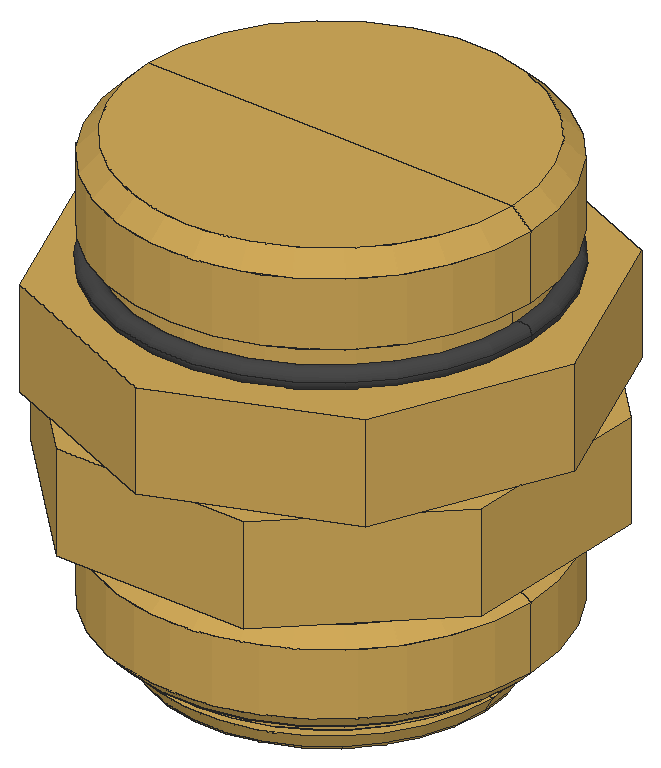
Revit family "VT.0606.0", category Оборудование, Revit 2019
Family settings
  Размер круглого соединителя = Использовать диаметр
  Тип детали = Нормальный
  Номер OmniClass = 23.75.00.00
  Заголовок OmniClass = Climate Control (HVAC)
  На основе рабочей плоскости = Нет
  Всегда вертикально = Да
  При загрузке вырезать с полостями = Нет
  Общий = Нет
  Точка расчета площади = Нет
Parameters (values of type "Yellow")
  Техническое описание = "https://valtec.ru/catalog/kollektornye_sistemy/komplektuyuschie_dlya_kollektorov/sdvoennyj_nippel_vt06060.html"
  Страна изготовитель = "Italy"
  Системы отопления, охлаждения и охлаждения = "Системы отопления, охлаждения и охлаждения"
  Семейство продуктов = "Тепловая электростанция"
  Размер соединения = "1\"1/4"
  Практическое руководство по использованию семьи = "Вы должны выбрать один и только один тип отделочного материала для ротационного соска \"мужчина-мужчина\". Отметьте эту опцию в «Название типа - Никель»  или «Название типа - Желтый»."
  Описание Конфигурации = "Сдвоенные ниппели"
  Описание OmniClass = "HVAC Специальные продукты и оборудование"
  Описание NBS = "Клапан"
  Номинальная ширина = 0 mm
  Номинальная высота = 0 mm
  Материал основной = "Brass"
  Материал вторичный = ""
  Материал = "Brass - CW617N"
  Мастерформат 2014 Описание = "Отопление, вентиляция и кондиционирование воздуха (HVAC)"
  Код основной категории BIMobject = "Водопровод"
  Код категории BIMобъекта = "Водопроводным-другой"
  Инструкция по установке = "https://valtec.ru/catalog/kollektornye_sistemy/komplektuyuschie_dlya_kollektorov/sdvoennyj_nippel_vt06060.html"
  Дата публикации = ""
  Группа товаров = "VARIMIX"
  Вес нетто (кг) = "0"
  Youtube clip = ""
  Uniformat II Description = "HVAC"
  Uniclass 2.0 Описание = "Клапан"
  Uniclass 1.4 Описание = "Климат-контроль установки и оборудование (HVAC)"
  URL бренда = "https://valtec.ru/catalog/kollektornye_sistemy/komplektuyuschie_dlya_kollektorov/sdvoennyj_nippel_vt06060.html"
  URL = ""
  SKU продукта = "VARIMIX"
  Revit Version = "2018"  # constant formula
  Изготовитель = "IVAR"  # constant formula
  Product Line = "ТЕПЛОВАЯ ЭЛЕКТРОСТАНЦИЯ"  # constant formula
  Произведено в = "Сделано в италии"  # constant formula
  Keynote = ""
  Группа модели = "VT.0606.0"  # constant formula
  IFC классификация = "Клапан"
  Finishing = BRASS - CW617N
  EMCS Version = "3.0"  # constant formula
  Описание = "Сдвоенные ниппели"  # constant formula
  COBIe Тип Категория = ""
  BIMобъект основная категория = "Водопровод"
  BIMобъект категории = "Другое"
  Тип статьи = Группа модели  # "VT.0606.0"
  Описание статьи = Описание  # "Сдвоенные ниппели"
Types (2, lengths in mm): name | Техническое описание | Размер соединения | Практическое руководство по использованию семьи | Описание Конфигурации | Материал основной | Материал | Код основной категории BIMobject | Код категории BIMобъекта | Инструкция по установке | URL бренда | URL | Finishing | BIMобъект категории
  Yellow | "https://valtec.ru/catalog/kollektornye_sistemy/komplektuyuschie_dlya_kollektorov/sdvoennyj_nippel_vt06060.html" | "1\"1/4" | "Вы должны выбрать один и только один тип отделочного материала для ротационного соска \"мужчина-мужчина\". Отметьте эту опцию в «Название типа - Никель»  или «Название типа - Желтый»." | "Сдвоенные ниппели" | "Brass" | "Brass - CW617N" | "Водопровод" | "Водопроводным-другой" | "https://valtec.ru/catalog/kollektornye_sistemy/komplektuyuschie_dlya_kollektorov/sdvoennyj_nippel_vt06060.html" | "https://valtec.ru/catalog/kollektornye_sistemy/komplektuyuschie_dlya_kollektorov/sdvoennyj_nippel_vt06060.html" | "" | BRASS - CW617N | "Другое"
  Nickel | "https://valtec.ru/catalog/sistemy_modulnogo_montazha/gruppy_bystrogo_montazha/sdvoennyj_nippel_vt06060.html" | "G 1\"1/4 M" | "- Вы должны выбрать один и только один тип отделочного материала для ротационного соска \"мужчина-мужчина\". Отметьте эту опцию в «Название типа - Никель» или «Название типа - Желтый»." | "Мужской мужской роторный сосок." | "Латунь" | "Никелированная латунь - CW617N" | "водопровод" | "водопроводным-другой" | "https://valtec.ru/catalog/sistemy_modulnogo_montazha/gruppy_bystrogo_montazha/sdvoennyj_nippel_vt06060.html" | "https://valtec.ru/catalog/sistemy_modulnogo_montazha/gruppy_bystrogo_montazha/sdvoennyj_nippel_vt06060.html" | "https://valtec.ru/catalog/sistemy_modulnogo_montazha/gruppy_bystrogo_montazha/sdvoennyj_nippel_vt06060.html" | Brass - Nickel | "Другие"
Reference planes
  plane 1 "RIF X": y = 0
  plane 2: z = 0
  plane 3 "RIF KK": x = 17000
  plane 4 "dietro": y = 69
  plane 5 "davanti": y = -69
Forms (mm)
  Extrusion 1, solid, material "BRASS - CW617N" <- "Finishing", detail levels medium+fine
    sketch origin (17000, -17000, 0) x (1, 0, 0) y (0, 1, 0)
      loop
        line (25.5, 17000) -> (18.031, 17018.031) -> (0, 17025.5) -> (-18.031, 17018.031) -> (-25.5, 17000) -> (-18.031, 16981.969) -> (0, 16974.5) -> (18.031, 16981.969) -> (25.5, 17000)
    from 0 to 10
  Extrusion 2, solid, material "BRASS - CW617N" <- "Finishing", detail levels medium+fine
    sketch origin (1294.048, -6505.63, -10) x (0.382683, -0.92388, 0) y (0.92388, 0.382683, 0)
      loop
        line (25.5, 17000) -> (18.031, 17018.031) -> (0, 17025.5) -> (-18.031, 17018.031) -> (-25.5, 17000) -> (-18.031, 16981.969) -> (0, 16974.5) -> (18.031, 16981.969) -> (25.5, 17000)
    from 0 to 10
  Revolve 3, solid, material "BRASS - CW617N" <- "Finishing", detail levels medium+fine
    sketch origin (0, 0, 132.422) x (1, 0, 0) y (0, 0, 1)
      loop
        line (17000, -109.922) -> (16981, -109.922) -> (16979.15, -111.772) -> (16979.15, -118.354) -> (16980.99, -119.417) -> (16980.99, -145.141) -> (16979.15, -146.49) -> (16979.15, -152.972) -> (16980.599, -154.421)
        arc (16980.599, -154.421) -> (16981.043, -154.718) -> (16981.567, -154.822) r 1.37
        line (16981.567, -154.822) -> (16982.543, -154.822) -> (16982.543, -155.822) -> (16984.006, -155.822) -> (16984.006, -156.724) -> (16983, -156.724) -> (16983.829, -158.159)
        arc (16983.829, -158.159) -> (16984.204, -158.535) -> (16984.718, -158.672) r 1.027
        line (16984.718, -158.672) -> (17000, -158.672) -> (17000, -109.922)
      axis (17000, -109.922) -> (17000, -158.672)
    angle from 0 to 360
  Extrusion 4, solid, not visible
    sketch origin (13551.822, 403.771, 10) x (1, 0, 0) y (0, 1, 0)
      loop
        circle (3448.178, -403.842) r 1
    from 0 to 1
  Extrusion 5, solid, not visible
    sketch origin (13551.822, 403.771, -11) x (0, -1, 0) y (1, 0, 0)
      loop
        circle (403.842, 3448.178) r 1
    from 0 to 1
  Revolve 6, solid, material "EPDM - Black", detail levels fine
    sketch origin (0, 0, 132.422) x (1, 0, 0) y (0, 0, 1)
      loop
        circle (16980.013, -121.446) r 0.976
      loop
        circle (16980.013, -143.399) r 0.976
      axis (17000, -121.446) -> (17000, -143.399)
    angle from 0 to 360
Lines and regions (mm)
  model lines, style "IVAR_LOW PROFILE", detail levels coarse
    curve 1: line (16974.5, 0, 22.5) -> (16974.5, 0, -26.201)
    curve 2: line (17025.5, 0, 22.5) -> (16974.5, 0, 22.5)
    curve 3: line (17025.5, 0, 22.5) -> (17025.5, 0, -26.201)
    curve 4: line (16974.5, 0, -26.201) -> (17025.5, 0, -26.201)
    curve 5: line (17000, -25.5, 22.5) -> (17000, 25.5, 22.5)
    curve 6: line (17000, 25.5, -26.201) -> (17000, 25.5, 22.5)
    curve 7: line (17000, -25.5, -26.201) -> (17000, -25.5, 22.5)
    curve 8: line (17000, -25.5, -26.201) -> (17000, 25.5, -26.201)
Dimensions and locks
  aligned and locked: plane 2 to level
  aligned and locked: Extrusion 2 to Extrusion 1
Connectors
  piping at (17000, -0.07, 11), diameter 32
    settings: on Extrusion 4, index 1, connector inside diameter 609.6 mm, connector length 0 mm, flow factor 0, pipe flow 0.0 L/s, pressure drop 0.0 Pa, fitting loss kfactor 0, connector angle 0.00°, fixture units 0, engagement length 0 mm, angle of deflection 0.00°, flow configuration 0, flow direction 0, fitting loss method 0, system type 28, joint type 0, gender type 0, connector reference index -1, connector utility 0, adjustable connector no, is connector primary yes, connector description ""
  piping at (17000, -0.07, -11), diameter 32
    settings: on Extrusion 5, index 2, connector inside diameter 609.6 mm, connector length 0 mm, flow factor 0, pipe flow 0.0 L/s, pressure drop 0.0 Pa, fitting loss kfactor 0, connector angle 0.00°, fixture units 0, engagement length 0 mm, angle of deflection 0.00°, flow configuration 0, flow direction 0, fitting loss method 0, system type 28, joint type 0, gender type 0, connector reference index -1, connector utility 0, adjustable connector no, is connector primary no, connector description ""
